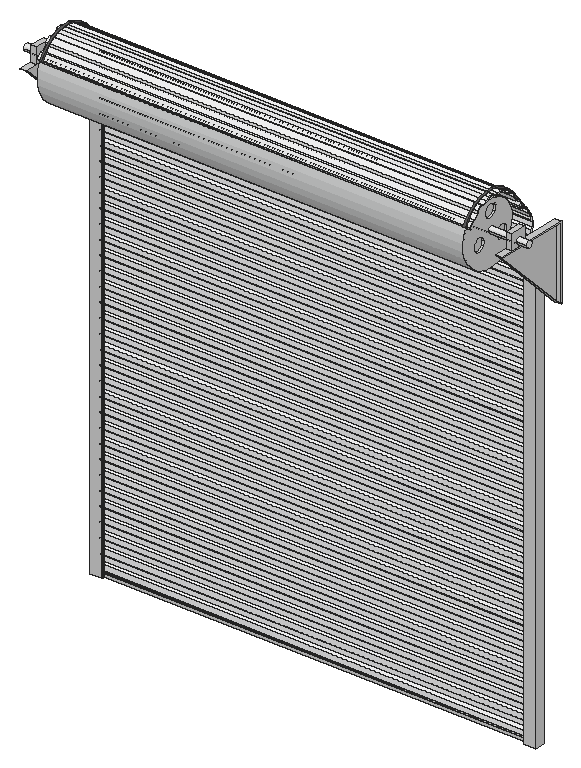
Revit family "Doors_Industrial_Wayne-Dalton_Wind-Load-Roll-Up-Sheet-Doors-Model-790-CW_", category Specialty Equipment, host Wall, Revit 2019
Family settings
  Host = Wall
  Round Connector Dimension = Use Diameter
  Part Type = Normal
  OmniClass Number = 23.30.10.21.34
  OmniClass Title = Industrial Doors
  Always vertical = Yes
  Cut with Voids When Loaded = No
  Shared = No
  Room Calculation Point = No
Parameters (values of type "‏​Manual push-up")
  Voltage = 0 V
  True Opening Width [instance] = Clear Width  # 100"
  True Opening Height [instance] = Clear Height  # 100"
  Slat Height = 3 91/256" * 3  # 10 17/256"
  Product Page URL = "https://www.wayne-dalton.com/roll-up-sheet-door-790cw"
  Slat Length [instance] = [Opening Width (Real)] + 1/4" * 2 + 1 77/256" * 2  # 103 13/128"
  Power Factor = 1
  Opening Width [instance] = 100"
  Opening Height [instance] = 100"
  Number of Poles = 1
  Motor Type [instance] = "RMZ Wall Mount"  # constant formula
  Min Opening Width [instance] = 96"  # constant formula
  Min Opening Height [instance] = 96"  # constant formula
  Max Opening Width [instance] = 240"  # constant formula
  Max Opening Height [instance] = 192"  # constant formula
  Headroom Height [instance] = 23"  # constant formula
  Opening Width (Real) [instance] = if(Opening Width < Min Opening Width, Min Opening Width, if(Opening Width > Max Opening Width, Max Opening Width, Opening Width))  # 100"
  Opening Height (Real) [instance] = if(Opening Height < Min Opening Height, Min Opening Height, if(Opening Height > Max Opening Height, Max Opening Height, Opening Height))  # 100"
  URL = "https://www.wayne-dalton.com/"
  Product data url = "https://www.bimobject.com/wayne-dalton/product/roll-up-sheet-door-790cw"
  Product Guid = "45e5e410-d0bf-4ab5-9bc7-2935a101f9e6"
  Model = "790CW"  # constant formula
  Manufacturer = "Wayne Dalton"  # constant formula
  Wall Closure = By host
  Frequency = 0 Hz
  Floor To (CL) of Shaft [instance] = [Opening Height (Real)] + 13 95/128" + 1"  # 114 95/128"
  Finish Material = Metal - Wayne Dalton - Galvanized Steel
  Electrical Operator = no
  Description = "MODEL 790CW COMMERCIAL WINDLOAD SHEET DOOR"  # constant formula
  Curtain Material [instance] = Steel - Wayne Dalton - White
  Current = 0 A
  Connection Offset [instance] = [Floor To (CL) of Shaft] - Array Length - 1 3/16" + 1/256"  # 2 53/64"
  Clear Width [instance] = [Opening Width (Real)]  # 100"
  Clear Height [instance] = [Opening Height (Real)]  # 100"
  Chain Hoist = no
  Backroom Depth [instance] = 21"  # constant formula
  Array Length [instance] = (Array) * Slat Height  # 110 187/256"
  Array [instance] = rounddown(([Opening Height (Real)] - 1 3/16" + 11 145/256" + 1") / Slat Height)  # 11
  Apparent Load Phase 1 = Voltage * Current  # 0 VA
Reference planes (in)
  plane 1 "Center (Front/Back)": y = 0
  plane 2 "Center (Left/Right)": x = 0
  plane 3 "Left": x = -50
  plane 4 "Right": x = 50
  plane 5 "Exterior": y = 1.5
  plane 6 "Interior": y = -4.5
  plane 7: x = 50
  plane 8: x = -50
  plane 9: z = 100
  plane 10 "Top": z = 123
  plane 11 "Main": y = -5.75
  plane 12: y = -25.5
  plane 13 "Main Door Block": y = -4.5
  plane 14: z = 47.47
  plane 15 "Bottom Bar": z = 1.1875
  plane 16: x = 52.5
  plane 17: x = -52.5
  plane 18: y = -5.253
  plane 19: y = -6.048
  plane 20: z = 111.91797
  plane 21: z = 114.74219
  plane 22: z = 11.25391
Lines and regions (in)
  Opening 1
    outline origin (-90, -4.5, 0) x (1, 0, 0) y (0, 0, 1)
      loop
        line (40, 0) -> (140, 0) -> (140, 100) -> (40, 100) -> (40, 0)
Text (in)
  text "Exterior" at (-74.96733, 27.31104, 0), in view "Ref. Level"
  text "Interior" at (-74.96733, -25.14366, 0), in view "Ref. Level"
  text "Exterior" at (0, 40.15149, 123.01588), in view "Right"
  text "Interior" at (0, -64.39139, 123.01588), in view "Right"
  text "Interior" at (0, -31.01599, 123.00693), in view "Left"
  text "Exterior" at (0, 54.57065, 123.00693), in view "Left"
Dimensions and locks (in)
  equal spacing: plane 3 "Left", plane 2 "Center (Left/Right)", plane 4 "Right"
  level to host wall = 459.59655"
  "Opening Height (Real)": level to plane 9
  plane 8 to plane 2 "Center (Left/Right)" to plane 7 = 50", 50"
  "Headroom Height": plane 9 to plane 10 "Top"
  locked: plane 13 "Main Door Block" to plane 11 "Main" at 1.25
  locked: plane 1 "Center (Front/Back)" to plane 6 "Interior" at 4.5
  locked: plane 8 to plane 17 at 2.5
  locked: plane 16 to plane 7 at 2.5
  locked: plane 5 "Exterior" to plane 1 "Center (Front/Back)" at 1.5
  equal spacing: plane 7, plane 2 "Center (Left/Right)", plane 8
  locked: plane 18 to plane 11 "Main" at 0.497
  "Opening Width (Real)": plane 7 to plane 8
  "Backroom Depth": plane 12 to plane 6 "Interior"
  locked: plane 11 "Main" to plane 19 at 0.298
  plane 19 to plane 11 "Main" = 0.298"
  locked: plane 15 "Bottom Bar" to level at 1.1875
  "Array Length": plane 20 to plane 15 "Bottom Bar"
  "Floor To (CL) of Shaft": plane 21 to level
  "Slat Height": plane 22 to plane 15 "Bottom Bar"
  equal spacing: group 1, group 2, group 3, group 4, group 5, group 6, group 7, group 8, group 9, group 10, group 11  (x3)
  locked: plane 12 to nested 3 at 8.257
  aligned and locked: Opening 1 sketch curve to level
  aligned and locked: plane 5 "Exterior" to host wall
  aligned and locked: host wall to plane 6 "Interior"
  aligned and locked: plane 8 to Opening 1 sketch curve
  aligned and locked: plane 7 to Opening 1 sketch curve
  aligned and locked: Opening 1 sketch curve to plane 9
  aligned and locked: plane 13 "Main Door Block" to plane 6 "Interior"
  aligned and locked: plane 21 to nested 3
  aligned and locked: plane 2 "Center (Left/Right)" to nested 3
  aligned and locked: plane 15 "Bottom Bar" to nested 2
  aligned and locked: plane 22 to nested 4
  aligned and locked: plane 19 to nested 2
  aligned and locked: plane 19 to nested 4
  aligned and locked: plane 2 "Center (Left/Right)" to nested 2
  aligned and locked: plane 2 "Center (Left/Right)" to nested 4
  aligned and locked: nested 1 to plane 6 "Interior"
  aligned and locked: level to nested 1
  aligned and locked: nested 1 to plane 2 "Center (Left/Right)"
  aligned and locked: plane 7 to nested 13
  aligned and locked: plane 21 to nested 13
Nested families (in)
  nested 1: "Lifts" at (0, -4.5, 0) x (-1, 0, 0) z (0, 0, 1), type "Frame Unit"
  nested 2: "Slat" at (0, -6.048, 1.1875), type "Slat"
  nested 3: "Top Slat" at (0, -17.243, 114.74219), type "Top Slat"
  nested 4: "Slat" at (0, -6.048, 11.25391), type "Slat"
  nested 5: "Slat" at (0, -6.048, 21.32031), type "Slat"
  nested 6: "Slat" at (0, -6.048, 31.38672), type "Slat"
  nested 7: "Slat" at (0, -6.048, 41.45313), type "Slat"
  nested 8: "Slat" at (0, -6.048, 51.51953), type "Slat"
  nested 9: "Slat" at (0, -6.048, 61.58594), type "Slat"
  nested 10: "Slat" at (0, -6.048, 71.65234), type "Slat"
  nested 11: "Slat" at (0, -6.048, 81.71875), type "Slat"
  nested 12: "Slat" at (0, -6.048, 91.78516), type "Slat"
  nested 13: "Operator" at (50, -17.243, 114.74219), type "Family1"
  nested 14: "Slat" at (0, -6.048, 101.85156), type "Slat"
Connectors (in)
  electrical at (55.75, -17.243, 114.74219), driven by "Number of Poles", driven by "Voltage", driven by "Power Factor"
    settings: on nested 13, index 1, voltage 0 V, apparent load 0 VA, apparent load phase1 0 VA, apparent load phase2 0 VA, apparent load phase3 0 VA, power factor 1, load classification "Other", number of poles 1, system type 31, power factor state 1, is connector primary yes, connector utility no, sub classification motor no, connector description "Electrical Connector"
Definition of nested family "Lifts"
  Parameters (values of type "Frame Unit")
    Shaft Radius = 3/4"  # constant formula
    Shaft Material = none
    Setback = 1/4"  # constant formula
    Right Shaft Offset = 10"
    Resin Support Outter Radius = 8.257"  # constant formula
    Resin Support Inner Radius = 8.187"  # constant formula
    Resin Stopper Radius = 1 1/2"  # constant formula
    Resin Muft Offset = 2.141"  # constant formula
    Resin Elements Material = none
    Opening Width = 100"
    Muft Outter Radius = 8.257"  # constant formula
    Muft Inner Radius = 6 3/8"  # constant formula
    Left Shaft Offset = 10"
    J Offset = 11.743" + 1"  # 12.743"
    Headroom Height = 23"
    Header Width = 21"
    H = 12.243" + 1"  # 13.243"
    Guide Width R Real = Guid Width + Setback  # 3 1/4"
    Guide Width L Real = Guid Width + Setback  # 3 1/4"
    Guid Width = 3"  # constant formula
    Opening Height = 100"
    Floor To (CL) of Shaft = Opening Height + 13.742" + 1"  # 114.742"
    Finish Material = none
    Default Elevation = 48"
    Analytic Construction = "<None>"
  Reference planes (in)
    plane 1 "Center (Front/Back)": y = 0
    plane 2: z = 0
    plane 3 "Center (Left/Right)": x = 0
    plane 4 "Left": x = -50
    plane 5 "Right": x = 50
    plane 6 "Opening Height": z = 100
    plane 7: x = -60
    plane 8: x = 60
    plane 9: z = 123
    plane 10: y = 21
    plane 11: x = -25
    plane 12: x = 25
    plane 13: z = 114.742
    plane 14: y = 12.743
    plane 15: x = -51.55
    plane 16: x = 51.55
    plane 17: x = 53.25
    plane 18: x = -53.25
    plane 19: z = 113.243
    plane 20: x = 57
    plane 21: x = 50.75
    plane 22: x = -50.75
  Forms (in)
    Extrusion 1, solid, material <- "Finish Material"
      sketch origin (0, 0, 0) x (1, 0, 0) y (0, 1, 0)
        loop
          line (-53.25, 0) -> (-50.375, 0)
          arc (-50.375, 0) -> (-50.28661, 0.03661) -> (-50.25, 0.125) r 0.125
          line (-50.25, 0.125) -> (-50.25, 0.625)
          arc (-50.25, 0.625) -> (-50.26831, 0.66919) -> (-50.3125, 0.6875) r 0.0625
          line (-50.3125, 0.6875) -> (-51.55, 0.6875) -> (-51.55, 1.78125) -> (-50.325, 1.78125)
          arc (-50.325, 1.78125) -> (-50.27197, 1.80322) -> (-50.25, 1.85625) r 0.075
          line (-50.25, 1.85625) -> (-50.25, 2.21875)
          arc (-50.25, 2.21875) -> (-50.28661, 2.30714) -> (-50.375, 2.34375) r 0.125
          line (-50.375, 2.34375) -> (-53.25, 2.34375) -> (-53.25, 0)
        loop
          line (53.25, 0) -> (53.25, 2.34375) -> (50.3625, 2.34375)
          arc (50.3625, 2.34375) -> (50.28295, 2.3108) -> (50.25, 2.23125) r 0.1125
          line (50.25, 2.23125) -> (50.25, 1.85625)
          arc (50.25, 1.85625) -> (50.27197, 1.80322) -> (50.325, 1.78125) r 0.075
          line (50.325, 1.78125) -> (51.55, 1.78125) -> (51.55, 0.6875) -> (50.3125, 0.6875)
          arc (50.3125, 0.6875) -> (50.26831, 0.66919) -> (50.25, 0.625) r 0.0625
          line (50.25, 0.625) -> (50.25, 0.125)
          arc (50.25, 0.125) -> (50.28661, 0.03661) -> (50.375, 0) r 0.125
          line (50.375, 0) -> (53.25, 0)
      from 100 to 0
    Extrusion 2, solid, material <- "Finish Material"
      sketch origin (0, 0, 0) x (0, 1, 0) y (0, 0, 1)
        loop
          line (2.0625, 1) -> (2.0625, 1.1875) -> (1.45087, 1.1875) -> (1.45087, 2.125) -> (-0.15187, 2.125) -> (-0.3125, 1.96437) -> (-0.3125, 1.34813) -> (-0.15187, 1.1875) -> (0, 1.1875) -> (0, 1) -> (2.0625, 1)
      from -51.55 to 51.55
    Extrusion 3, solid, material <- "Finish Material"
      sketch origin (0, 0, 0) x (0, 1, 0) y (0, 0, 1)
        loop
          line (0.73437, 1) -> (0.73437, 0) -> (1.73437, 0) -> (1.73437, 1) -> (0.73437, 1)
      from -51.55 to 51.55
    Extrusion 4, solid, material <- "Shaft Material"
      sketch origin (0, 0, 0) x (0, 1, 0) y (0, 0, 1)
        loop
          circle (12.743, 114.742) r 0.75
      from -60 to 60
    Extrusion 5, solid, material <- "Finish Material"
      sketch origin (-53.25, 0, 100) x (0, 0, 1) y (0, -1, 0)
        loop
          line (13.243, -14.568) -> (16.893, -14.568) -> (16.893, -10.918) -> (13.243, -10.918) -> (13.243, 0) -> (-4.5, 0) -> (13.243, -17.743) -> (13.243, -14.568)
      from -4.25 to -2.75
    Extrusion 6, solid, material <- "Finish Material"
      sketch origin (53.25, 0, 100) x (0, 0, 1) y (0, -1, 0)
        loop
          line (13.243, -14.568) -> (16.893, -14.568) -> (16.893, -10.918) -> (13.243, -10.918) -> (13.243, 0) -> (-4.5, 0) -> (13.243, -17.743) -> (13.243, -14.568)
      from 4.25 to 2.75
    Extrusion 7, void
      sketch origin (0, 0, 0) x (1, 0, 0) y (0, 1, 0)
        loop
          line (50, -0.3125) -> (51.55, -0.3125) -> (51.55, 0.125) -> (50, 0.125) -> (50, -0.3125)
        loop
          line (-50, -0.3125) -> (-50, 0.125) -> (-51.55, 0.125) -> (-51.55, -0.3125) -> (-50, -0.3125)
      from 0 to 2.125
    Extrusion 8, solid, material <- "Finish Material"
      sketch origin (0, 12.743, 114.742) x (0, 0.906308, 0.422618) y (0, -0.422618, 0.906308)
        loop
          arc (6.375, 0) -> (0, 6.375) -> (-6.375, 0) r 6.375
          line (-6.375, 0) -> (-8.257, 0)
          arc (-8.257, 0) -> (0, -8.257) -> (8.257, 0) r 8.257
          line (8.257, 0) -> (6.375, 0)
        loop
          circle (1.658, 3.5556) r 1.625
        loop
          circle (2.25024, -3.21367) r 1.625
        loop
          circle (-3.90824, -0.34193) r 1.625
      from 50.75 to -50.75
    Extrusion 9, solid, material <- "Finish Material"
      sketch origin (0, 0, 0) x (0, 1, 0) y (0, 0, 1)
        loop
          circle (12.743, 114.742) r 6.375
      from -50 to 50
    Extrusion 10, void
      sketch origin (53.25, 0, 100) x (0, 0, 1) y (-1, 0, 0)
        loop
          line (12.963, -3.03) -> (-4.5, -3.03) -> (-4.5, -4.25) -> (12.963, -4.25) -> (12.963, -3.03)
        loop
          line (16.893, -4.25) -> (16.893, -4.1749) -> (13.243, -4.1749) -> (13.243, -4.25) -> (16.893, -4.25)
        loop
          line (16.893, -2.75) -> (13.243, -2.75) -> (13.243, -2.8251) -> (16.893, -2.8251) -> (16.893, -2.75)
      from -0.28 to -20.22638
    Extrusion 11, void
      sketch origin (-53.25, 0, 100) x (0, 0, -1) y (-1, 0, 0)
        loop
          line (-12.963, 3.03) -> (4.5, 3.03) -> (4.5, 4.25) -> (-12.963, 4.25) -> (-12.963, 3.03)
        loop
          line (-16.893, 4.25) -> (-16.893, 4.1749) -> (-13.243, 4.1749) -> (-13.243, 4.25) -> (-16.893, 4.25)
        loop
          line (-16.893, 2.75) -> (-13.243, 2.75) -> (-13.243, 2.8251) -> (-16.893, 2.8251) -> (-16.893, 2.75)
      from 0.28 to 17.743
    Sweep 12, solid, material <- "Resin Elements Material"
      path origin (0, 0, 0) x (0, 1, 0) y (0, 0, 1)
        loop
          line (0.6875, 0) -> (0.6875, 112.601) -> (6.19446, 119.77138)
          arc (6.19446, 119.77138) -> (13.64369, 122.94973) -> (20.22638, 118.23156) r 8.257
      profile origin (0, 0.6875, 56.3005) x (0, -1, 0) y (1, 0, 0)
        loop
          line (0, 50.25) -> (0, 50.75) -> (-0.07, 50.75) -> (-0.07, 50.25) -> (0, 50.25)
        loop
          line (0, -50.25) -> (-0.07, -50.25) -> (-0.07, -50.75) -> (0, -50.75) -> (0, -50.25)
  Cuts and joins
    Extrusion 11 cuts Extrusion 5
    Extrusion 10 cuts Extrusion 6
    joined: Extrusion 5, Extrusion 6
    Extrusion 7 cuts Extrusion 2
  Lines and regions (in)
    Masking region 1
      outline origin (0, 0, 0) x (1, 0, 0) y (0, 1, 0)
        loop
          line (-51.55, 2.34375) -> (-53.25, 2.34375) -> (-53.25, 0) -> (-51.55, 0) -> (-51.55, 2.34375)
        loop
          line (51.55, 2.34375) -> (51.55, 0) -> (53.25, 0) -> (53.25, 2.34375) -> (51.55, 2.34375)
    Masking region 2
      outline origin (0, 0, 0) x (1, 0, 0) y (0, 1, 0)
        loop
          line (60, 11.993) -> (60, 13.493) -> (57.4249, 13.493) -> (57.4249, 14.568) -> (56.0751, 14.568) -> (56.0751, 13.493) -> (51.55, 13.493) -> (51.55, 11.993) -> (56.0751, 11.993) -> (56.0751, 10.918) -> (57.4249, 10.918) -> (57.4249, 11.993) -> (60, 11.993)
        loop
          line (-60, 11.993) -> (-57.4249, 11.993) -> (-57.4249, 10.918) -> (-56.0751, 10.918) -> (-56.0751, 11.993) -> (-51.55, 11.993) -> (-51.55, 13.493) -> (-56.0751, 13.493) -> (-56.0751, 14.568) -> (-57.4249, 14.568) -> (-57.4249, 13.493) -> (-60, 13.493) -> (-60, 11.993)
    Masking region 3
      outline origin (0, 0, 0) x (1, 0, 0) y (0, 1, 0)
        loop
          line (-56, 0) -> (-56, 17.743) -> (-57.5, 17.743) -> (-57.5, 0) -> (-56, 0)
        loop
          line (56, 17.743) -> (56, 0) -> (57.5, 0) -> (57.5, 17.743) -> (56, 17.743)
    Masking region 4
      outline origin (0, 0, 0) x (1, 0, 0) y (0, 1, 0)
        loop
          line (-53.25, 2.34375) -> (-53.25, 0) -> (-50.375, 0)
          arc (-50.375, 0) -> (-50.28661, 0.03661) -> (-50.25, 0.125) r 0.125
          line (-50.25, 0.125) -> (-50.25, 0.625)
          arc (-50.25, 0.625) -> (-50.26831, 0.66919) -> (-50.3125, 0.6875) r 0.0625
          line (-50.3125, 0.6875) -> (-51.55, 0.6875) -> (-51.55, 1.78125) -> (-50.75, 1.78125) -> (-50.75, 2.34375) -> (-53.25, 2.34375)
        loop
          line (53.25, 2.34375) -> (50.75, 2.34375) -> (50.75, 1.78125) -> (51.55, 1.78125) -> (51.55, 0.6875) -> (50.3125, 0.6875)
          arc (50.3125, 0.6875) -> (50.26831, 0.66919) -> (50.25, 0.625) r 0.0625
          line (50.25, 0.625) -> (50.25, 0.125)
          arc (50.25, 0.125) -> (50.28661, 0.03661) -> (50.375, 0) r 0.125
          line (50.375, 0) -> (53.25, 0) -> (53.25, 2.34375)
    Masking region 5
      outline origin (0, 0, 0) x (1, 0, 0) y (0, 1, 0)
        loop
          line (-50.75, 20.22638) -> (-50.75, 0.6875) -> (-50.25, 0.6875) -> (-50.25, 20.22638) -> (-50.75, 20.22638)
        loop
          line (50.25, 0.6875) -> (50.75, 0.6875) -> (50.75, 20.22638) -> (50.25, 20.22638) -> (50.25, 0.6875)
    reference lines
      curve 1: line (53.25, 0, 100) -> (53.25, 0, 109.583)
      curve 2: line (-53.25, 0, 100) -> (-53.25, 0, 109.583)
      curve 3: line (0, 12.743, 114.742) -> (0, 21, 118.5923)
    symbolic lines
      curve 4: line (56.0751, 10.918, 0) -> (56.0751, 14.568, 0)
      curve 5: line (57.4249, 14.568, 0) -> (57.4249, 10.918, 0)
      curve 6: line (-57.4249, 10.918, 0) -> (-57.4249, 14.568, 0)
      curve 7: line (-56.0751, 14.568, 0) -> (-56.0751, 10.918, 0)
  Dimensions and locks (in)
    equal spacing: plane 4 "Left", plane 3 "Center (Left/Right)", plane 5 "Right"
    "Opening Width": plane 4 "Left" to plane 5 "Right"
    "Opening Height": plane 6 "Opening Height" to level
    "Guide Width L Real": Extrusion 1 sketch curve to plane 4 "Left"
    locked: Extrusion 1 sketch curve to Extrusion 1 sketch curve at 2.34375
    "Headroom Height": plane 9 to plane 6 "Opening Height"
    plane 10 to plane 1 "Center (Front/Back)" = 21"
    "Header Width": plane 10 to plane 1 "Center (Front/Back)"
    locked: Extrusion 1 sketch curve to Extrusion 1 sketch curve at 0.5625
    locked: Extrusion 1 sketch curve to Extrusion 1 sketch curve at 0.6875
    locked: Extrusion 3 sketch curve to level at 1
    locked: Extrusion 2 sketch curve to level at 2.125
    locked: Extrusion 2 sketch curve to level at 1.1875
    locked: Extrusion 2 sketch curve to Extrusion 2 sketch curve at 1.125
    locked: Extrusion 2 sketch curve to Extrusion 2 sketch curve at 0.16063  (x2)
    locked: Extrusion 7 sketch curve to plane 1 "Center (Front/Back)" at 0.3125  (x2)
    locked: plane 1 "Center (Front/Back)" to Extrusion 7 sketch curve at 0.125
    equal spacing: plane 4 "Left", plane 11, plane 3 "Center (Left/Right)"
    equal spacing: plane 5 "Right", plane 12, plane 3 "Center (Left/Right)"
    "Floor To (CL) of Shaft": plane 13 to plane 2
    "J Offset": plane 14 to plane 1 "Center (Front/Back)"
    locked: curve 1 to curve 1 at 9.583
    locked: curve 2 to curve 2 at 9.583
    "Setback": Extrusion 1 sketch curve to plane 4 "Left"
    locked: Extrusion 1 sketch curve to Extrusion 1 sketch curve at 1.3  (x2)
    "Setback": plane 5 "Right" to Extrusion 1 sketch curve
    "Guide Width R Real": plane 5 "Right" to Extrusion 1 sketch curve
    locked: plane 15 to plane 4 "Left" at 1.55
    locked: plane 5 "Right" to plane 16 at 1.55
    "Guide Width R Real": plane 5 "Right" to plane 17
    "Guide Width L Real": plane 18 to plane 4 "Left"
    "Left Shaft Offset": plane 7 to plane 4 "Left"
    "Right Shaft Offset": plane 5 "Right" to plane 8
    locked: plane 1 "Center (Front/Back)" to Extrusion 3 sketch curve at 0.73437
    locked: Extrusion 3 sketch curve to Extrusion 3 sketch curve at 1
    "H": plane 19 to plane 6 "Opening Height"
    plane 5 "Right" to plane 20 = 7"
    locked: plane 5 "Right" to plane 21 at 0.75
    locked: plane 22 to plane 4 "Left" at 0.75
    locked: plane 14 to Extrusion 6 sketch curve at 5
    locked: plane 14 to Extrusion 5 sketch curve at 5
    equal spacing: Extrusion 6 sketch curve, plane 14, Extrusion 6 sketch curve
    locked: Extrusion 6 sketch curve to plane 14 at 1.825
    locked: Extrusion 6 sketch curve to plane 13 at 2.151
    equal spacing: Extrusion 5 sketch curve, plane 14, Extrusion 5 sketch curve
    locked: Extrusion 5 sketch curve to plane 14 at 1.825
    locked: Extrusion 5 sketch curve to plane 13 at 2.151
    locked: plane 1 "Center (Front/Back)" to Sweep 12 sketch curve at 0.6875
    locked: Sweep 12 sketch curve to Sweep 12 sketch curve at 0.07
    "Resin Muft Offset": plane 13 to Sweep 12 sketch curve
    "Setback": plane 5 "Right" to Sweep 12 sketch curve
    "Setback": Sweep 12 sketch curve to plane 4 "Left"
    equal spacing: Masking region 2 sketch curve, plane 14, Masking region 2 sketch curve
    "Shaft Radius": Masking region 2 sketch curve to plane 14
    radius of Extrusion 1 sketch curve = 1/16"  (x2)
    radius of Extrusion 1 sketch curve = 1/8"  (x3)
    radius of Extrusion 1 sketch curve = 0.075"  (x2)
    radius of Extrusion 1 sketch curve = 0.1125"
    "Shaft Radius": radius of Extrusion 4 sketch curve
    "Muft Inner Radius": radius of Extrusion 8 sketch curve
    "Muft Outter Radius": radius of Extrusion 8 sketch curve
    "Muft Inner Radius": radius of Extrusion 9 sketch curve
    "Resin Support Outter Radius": radius of Sweep 12 sketch curve
    locked: plane 13 to curve 3 (angle 25.00°)
    locked: Extrusion 6 sketch curve to Extrusion 6 sketch curve (angle 45.00°)
    locked: plane 19 to Extrusion 5 sketch curve (angle 45.00°)
    aligned and locked: plane 2 to level
    aligned and locked: plane 1 "Center (Front/Back)" to Extrusion 1 sketch curve
    aligned and locked: Extrusion 1 sketch curve to plane 1 "Center (Front/Back)"
    aligned and locked: Extrusion 1 sketch curve to Extrusion 1 sketch curve  (x5)
    aligned and locked: plane 7 to Extrusion 4
    aligned and locked: Extrusion 4 to plane 8
    aligned and locked: plane 6 "Opening Height" to Extrusion 1
    aligned and locked: Extrusion 3 sketch curve to level
    aligned and locked: Extrusion 2 sketch curve to Extrusion 2 sketch curve
    aligned and locked: Extrusion 7 sketch curve to plane 5 "Right"
    aligned and locked: Extrusion 7 sketch curve to plane 4 "Left"
    aligned and locked: Extrusion 7 sketch curve to Extrusion 7 sketch curve
    aligned and locked: plane 13 to Extrusion 4 sketch curve
    aligned and locked: plane 14 to Extrusion 4 sketch curve
    aligned and locked: plane 6 "Opening Height" to curve 1
    aligned and locked: plane 6 "Opening Height" to curve 2
    aligned and locked: Extrusion 7 sketch curve to plane 15
    aligned and locked: plane 15 to Extrusion 3
    aligned and locked: plane 15 to cut or joined group of Extrusion 2, Extrusion 7
    aligned and locked: Extrusion 3 to plane 16
    aligned and locked: cut or joined group of Extrusion 2, Extrusion 7 to plane 16
    aligned and locked: Extrusion 7 sketch curve to plane 16
    aligned and locked: curve 1 to plane 17
    aligned and locked: curve 2 to plane 18
    aligned and locked: Extrusion 1 to Masking region 1 sketch curve  (x2)
    aligned and locked: Masking region 1 sketch curve to Extrusion 1  (x4)
    aligned and locked: plane 14 to Extrusion 8 sketch curve
    aligned and locked: plane 13 to Extrusion 8 sketch curve
    aligned and locked: plane 14 to curve 3
    aligned and locked: plane 10 to curve 3
    aligned and locked: curve 3 to Extrusion 8 sketch curve
    aligned and locked: Extrusion 8 sketch curve to curve 3
    aligned and locked: plane 14 to Extrusion 9 sketch curve
    aligned and locked: plane 13 to Extrusion 9 sketch curve
    aligned and locked: Extrusion 8 to plane 21
    aligned and locked: Extrusion 9 to plane 5 "Right"
    aligned and locked: Extrusion 8 to plane 22
    aligned and locked: plane 4 "Left" to Extrusion 9
    aligned and locked: Extrusion 6 sketch curve to plane 19  (x2)
    aligned and locked: plane 1 "Center (Front/Back)" to Extrusion 6 sketch curve
    aligned and locked: Extrusion 5 sketch curve to plane 19  (x2)
    aligned and locked: plane 1 "Center (Front/Back)" to Extrusion 5 sketch curve
    aligned and locked: level to Sweep 12 sketch curve
    aligned and locked: Sweep 12 sketch curve to profile plane
    aligned and locked: Sweep 12 sketch curve to plane 21
    aligned and locked: Sweep 12 sketch curve to Sweep 12 sketch curve  (x2)
    aligned and locked: Sweep 12 sketch curve to plane 22
    aligned and locked: plane 13 to Sweep 12 sketch curve
    aligned and locked: plane 14 to Sweep 12 sketch curve
    aligned and locked: curve 3 to Sweep 12 sketch curve
    aligned and locked: Masking region 2 sketch curve to plane 8
    aligned and locked: cut or joined group of Extrusion 5, Extrusion 6, Extrusion 10, Extrusion 11 to Masking region 2 sketch curve  (x12)
    aligned and locked: Masking region 2 sketch curve to plane 7
    aligned and locked: Masking region 2 sketch curve to Masking region 2 sketch curve  (x6)
    aligned and locked: Masking region 3 sketch curve to cut or joined group of Extrusion 5, Extrusion 6, Extrusion 10, Extrusion 11  (x6)
    aligned and locked: cut or joined group of Extrusion 5, Extrusion 6, Extrusion 10, Extrusion 11 to Masking region 3 sketch curve  (x2)
    aligned and locked: cut or joined group of Extrusion 5, Extrusion 6, Extrusion 10, Extrusion 11 to curve 4  (x3)
    aligned and locked: cut or joined group of Extrusion 5, Extrusion 6, Extrusion 10, Extrusion 11 to curve 5  (x3)
    aligned and locked: cut or joined group of Extrusion 5, Extrusion 6, Extrusion 10, Extrusion 11 to curve 6  (x3)
    aligned and locked: cut or joined group of Extrusion 5, Extrusion 6, Extrusion 10, Extrusion 11 to curve 7  (x3)
    aligned and locked: Masking region 4 sketch curve to Extrusion 1  (x12)
    aligned and locked: Extrusion 1 to Masking region 4 sketch curve  (x2)
    aligned and locked: Sweep 12 to Masking region 4 sketch curve  (x2)
    aligned and locked: Masking region 5 sketch curve to Sweep 12  (x8)
    aligned and locked: Masking region 2 sketch curve to plane 15
    aligned and locked: Masking region 2 sketch curve to plane 16
  Automatic sketch dimensions
    Extrusion 2 sketch curve to plane 1 "Center (Front/Back)" = 0"
    plane 1 "Center (Front/Back)" to Extrusion 2 sketch curve = 0.15187"  (x2)
    Extrusion 2 sketch curve to Extrusion 2 sketch curve = 0.16063"
    Extrusion 2 sketch curve to plane 1 "Center (Front/Back)" = 1.45088"
    Extrusion 2 sketch curve to Extrusion 2 sketch curve = 0.61162"
    plane 1 "Center (Front/Back)" to Masking region 1 sketch curve = 0"
    Masking region 1 sketch curve to plane 1 "Center (Front/Back)" = 2 11/32"
    curve 3 to plane 13 = 0"
    curve 2 to Extrusion 11 sketch curve = 2.8251"
    Extrusion 11 sketch curve to curve 2 = 7.31"
    Extrusion 11 sketch curve to Extrusion 11 sketch curve = 0"  (x2)
    Extrusion 11 sketch curve to curve 2 = 3.66"
    Extrusion 11 sketch curve to Extrusion 11 sketch curve = 0.28"
    curve 2 to Extrusion 11 sketch curve = 4 1/2"
    Extrusion 11 sketch curve to Extrusion 11 sketch curve = 0.0751"  (x2)
    curve 2 to Extrusion 11 sketch curve = 3.03"
    Extrusion 11 sketch curve to Extrusion 11 sketch curve = 1.1449"
    Extrusion 11 sketch curve to Extrusion 11 sketch curve = 1.22"
    Extrusion 10 sketch curve to curve 1 = 4 1/2"
    curve 1 to Extrusion 10 sketch curve = 3.38"
    Extrusion 10 sketch curve to Extrusion 10 sketch curve = 0.28"  (x2)
    Extrusion 10 sketch curve to Extrusion 10 sketch curve = 3.65"
    Extrusion 10 sketch curve to Extrusion 10 sketch curve = 0"  (x2)
    curve 1 to Extrusion 10 sketch curve = 4 1/4"
    Extrusion 10 sketch curve to Extrusion 10 sketch curve = 0.0751"  (x2)
    Extrusion 10 sketch curve to Extrusion 10 sketch curve = 1.1449"
    Extrusion 10 sketch curve to Extrusion 10 sketch curve = 1.34981"
    Extrusion 8 sketch curve to Extrusion 8 sketch curve = 0"
    curve 3 to Extrusion 8 sketch curve = 0.34193"
    Extrusion 8 sketch curve to Extrusion 8 sketch curve = 2.46676"
    curve 3 to Extrusion 8 sketch curve = 1.658"
    curve 3 to Extrusion 8 sketch curve = 2.25024"
    Extrusion 8 sketch curve to curve 3 = 3.21367"
    curve 3 to Extrusion 8 sketch curve = 3.5556"
    radius of Extrusion 8 sketch curve = 1 5/8"  (x3)
Definition of nested family "Slat"
  Parameters (values of type "Slat")
    Slat Height = 3.354" * 3  # 10.062"
    Panel Material = none
    Opening Width = 103 13/128"
    Default Elevation = 48"
  Reference planes (in)
    plane 1 "Center (Front/Back)": y = 0
    plane 2: z = 0
    plane 3 "Center (Left/Right)": x = 0
    plane 4: z = 10.062
    plane 5: x = -51.55078
    plane 6: x = 51.55078
  Forms (in)
    Extrusion 1, solid, material <- "Panel Material"
      sketch origin (0, 0, 0) x (0, 1, 0) y (0, 0, 1)
        loop
          line (0.5962, 1.67027) -> (0.5962, 2.9709) -> (0.04, 3.375) -> (0.04, 4.62025) -> (0.5962, 5.02435) -> (0.5962, 6.32497) -> (0.04, 6.72907) -> (0.04, 7.97432) -> (0.5962, 8.37842) -> (0.5962, 9.67905) -> (0.04, 10.08315) -> (0, 10.06222) -> (0.5562, 9.65812) -> (0.5562, 8.3988) -> (0, 7.9947) -> (0, 6.70815) -> (0.5562, 6.30405) -> (0.5562, 5.04473) -> (0, 4.64063) -> (0, 3.35407) -> (0.5562, 2.94997) -> (0.5562, 1.69065) -> (0, 1.28655) -> (0, 0) -> (0.04, 0) -> (0.04, 1.26617) -> (0.5962, 1.67027)
      from -51.55078 to 51.55078
  Dimensions and locks (in)
    "Slat Height": plane 4 to plane 2
    equal spacing: plane 5, plane 3 "Center (Left/Right)", plane 6
    "Opening Width": plane 5 to plane 6
    aligned and locked: plane 2 to level
    aligned and locked: plane 5 to Extrusion 1
    aligned and locked: plane 6 to Extrusion 1
  Automatic sketch dimensions
    Extrusion 1 sketch curve to plane 1 "Center (Front/Back)" = 0"  (x4)
    Extrusion 1 sketch curve to level = 0"
    Extrusion 1 sketch curve to plane 1 "Center (Front/Back)" = 0.04"  (x3)
    Extrusion 1 sketch curve to Extrusion 1 sketch curve = 0.04"  (x4)
    Extrusion 1 sketch curve to plane 1 "Center (Front/Back)" = 0.5562"  (x3)
    level to Extrusion 1 sketch curve = 1.26617"
    Extrusion 1 sketch curve to Extrusion 1 sketch curve = 0.02038"  (x6)
    Extrusion 1 sketch curve to Extrusion 1 sketch curve = 0.4041"  (x5)
    Extrusion 1 sketch curve to Extrusion 1 sketch curve = 1.25932"  (x2)
    Extrusion 1 sketch curve to Extrusion 1 sketch curve = 0.02093"  (x5)
    Extrusion 1 sketch curve to Extrusion 1 sketch curve = 1.24525"
    Extrusion 1 sketch curve to Extrusion 1 sketch curve = 1.26617"
    Extrusion 1 sketch curve to plane 4 = 0.40388"
    plane 4 to Extrusion 1 sketch curve = 0.00022"
    plane 4 to Extrusion 1 sketch curve = 0.02115"
Definition of nested family "Top Slat"
  Parameters (values of type "Top Slat")
    Slat Height = 3.354"  # constant formula
    Primar Offset = 2 53/64"
    Panel Material = none
    Opening Width = 103 13/128"
    Offset 2 = if(Primar Offset > Slat Height * 2 + 2.175", Slat Height, 0")  # 0"
    Offset 1 = if(Primar Offset > Slat Height + 2.175", Slat Height, 0")  # 0"
    Default Elevation = 48"
    2nd Slat = if(Offset 2 = 0", 1 = 2, 1 = 1)  # no
    1st Slat = if(Offset 1 = 0", 1 = 2, 1 = 1)  # no
  Reference planes (in)
    plane 1 "Center (Front/Back)": y = 0
    plane 2: z = 0
    plane 3 "Center (Left/Right)": x = 0
    plane 4: x = -51.55078
    plane 5: x = 51.55078
  Forms (in)
    Extrusion 1, solid, material <- "Panel Material"
      sketch origin (0, -2.21749, 3.375) x (0, 1, 0) y (0, 0, 1)
        loop
          line (10.95902, -2.50599) -> (10.16621, -1.54574) -> (10.33784, -0.88) -> (9.50977, 0.12295) -> (8.80388, 0.07924)
          arc (8.80388, 0.07924) -> (8.49771, 0.60905) -> (8.14904, 1.11191) r 7.43816
          line (8.14904, 1.11191) -> (8.2539, 1.79485) -> (7.32987, 2.71017) -> (6.64852, 2.59895)
          arc (6.64852, 2.59895) -> (6.13875, 2.94542) -> (5.60204, 3.2485) r 7.43816
          line (5.60204, 3.2485) -> (5.3989, 3.90891) -> (4.16842, 4.33026) -> (3.60357, 3.93332)
          arc (3.60357, 3.93332) -> (2.99378, 4.02311) -> (2.37865, 4.0621) r 7.43816
          line (2.37865, 4.0621) -> (1.90809, 4.56805) -> (0.61695, 4.41126) -> (0.28145, 3.80789)
          arc (0.28145, 3.80789) -> (-0.30099, 3.62505) -> (-0.86648, 3.39508) r 7.43816
          line (-0.86648, 3.39508) -> (-1.51005, 3.64652) -> (-2.60504, 2.94465) -> (-2.64527, 2.25544)
          arc (-2.64527, 2.25544) -> (-3.09055, 1.83784) -> (-3.50009, 1.38513) r 7.43816
          line (-3.50009, 1.38513) -> (-4.189, 1.33218) -> (-4.87061, 0.22447) -> (-4.72055, -0.13969) -> (-4.66641, -0.16494) -> (-4.82558, 0.22133) -> (-4.16562, 1.29386) -> (-3.48014, 1.34654)
          arc (-3.48014, 1.34654) -> (-3.0618, 1.81003) -> (-2.60586, 2.2366) r 7.39816
          line (-2.60586, 2.2366) -> (-2.56584, 2.92226) -> (-1.50563, 3.60185) -> (-0.86527, 3.35166)
          arc (-0.86527, 3.35166) -> (-0.28716, 3.58752) -> (0.30877, 3.7738) r 7.39816
          line (0.30877, 3.7738) -> (0.64255, 4.37407) -> (1.89268, 4.52589) -> (2.36089, 4.02246)
          arc (2.36089, 4.02246) -> (2.98991, 3.98329) -> (3.61331, 3.89073) r 7.39816
          line (3.61331, 3.89073) -> (4.17526, 4.28564) -> (5.36666, 3.87767) -> (5.56879, 3.22056)
          arc (5.56879, 3.22056) -> (6.11792, 2.91127) -> (6.63873, 2.55637) r 7.39816
          line (6.63873, 2.55637) -> (7.31659, 2.66703) -> (8.21127, 1.78078) -> (8.10693, 1.10124)
          arc (8.10693, 1.10124) -> (8.46647, 0.58362) -> (8.78065, 0.03728) r 7.39816
          line (8.78065, 0.03728) -> (9.49225, 0.08135) -> (10.29402, -0.88975) -> (10.12239, -1.55549) -> (10.9415, -2.5476) -> (11.65309, -2.50352) -> (12.45486, -3.47463) -> (12.28082, -4.14974) -> (13.41281, -5.50386) -> (13.41281, -6.20312) -> (13.48161, -6.20312) -> (13.45281, -6.1822) -> (13.45281, -5.49244) -> (12.32739, -4.12932) -> (12.49868, -3.46488) -> (11.67061, -2.46192) -> (10.96472, -2.50564)
      from -51.55078 to 51.55078
    Extrusion 2, solid, material <- "Panel Material", visible <- "1st Slat"
      sketch origin (0, 1.16153, -2.82813) x (0, 1, 0) y (0, 0, 1)
        loop
          line (10.62998, 1.67027) -> (10.62998, 2.9709) -> (10.07378, 3.375) -> (10.03378, 3.35407) -> (10.58998, 2.94997) -> (10.58998, 1.69065) -> (10.03378, 1.28655) -> (10.03378, 0) -> (10.07378, 0) -> (10.07378, 1.26617) -> (10.62998, 1.67027)
      from -51.55078 to 51.55078
    Extrusion 3, solid, material <- "Panel Material", visible <- "2nd Slat"
      sketch origin (0, 1.16153, 0.52587) x (0, 1, 0) y (0, 0, 1)
        loop
          line (10.62998, 1.67027) -> (10.62998, 2.9709) -> (10.07378, 3.375) -> (10.03378, 3.35407) -> (10.58998, 2.94997) -> (10.58998, 1.69065) -> (10.03378, 1.28655) -> (10.03378, 0) -> (10.07378, 0) -> (10.07378, 1.26617) -> (10.62998, 1.67027)
      from -51.55078 to 51.55078
  Lines and regions (in)
    Masking region 1
      outline origin (0, 0, 0) x (1, 0, 0) y (0, 1, 0)
        loop
          line (-51.55078, -7.08811) -> (51.55078, -7.08811) -> (51.55078, 11.75151) -> (-51.55078, 11.75151) -> (-51.55078, -7.08811)
    reference lines
      curve 1: line (0, 0, -2.82813) -> (0, 15, -2.82813)
      curve 2: line (0, 0, -2.82813) -> (0, 15, -2.82813)
      curve 3: line (0, 0, -2.82813) -> (0, 15, -2.82813)
    symbolic lines
      curve 4: line (51.55078, 10.07388, 0) -> (-51.55078, 10.07388, 0)
      curve 5: line (-51.55078, 9.75558, 0) -> (51.55078, 9.75558, 0)
      curve 6: line (-51.55078, 9.06865, 0) -> (51.55078, 9.06865, 0)
      curve 7: line (-51.55078, 8.38293, 0) -> (51.55078, 8.38293, 0)
      curve 8: line (-51.55078, 7.98412, 0) -> (51.55078, 7.98412, 0)
      curve 9: line (-51.55078, 7.29719, 0) -> (51.55078, 7.29719, 0)
      curve 10: line (-51.55078, 6.58806, 0) -> (51.55078, 6.58806, 0)
      curve 11: line (-51.55078, 6.0364, 0) -> (51.55078, 6.0364, 0)
      curve 12: line (-51.55078, 5.11238, 0) -> (51.55078, 5.11238, 0)
      curve 13: line (-51.55078, 4.43102, 0) -> (51.55078, 4.43102, 0)
      curve 14: line (-51.55078, 3.38455, 0) -> (51.55078, 3.38455, 0)
      curve 15: line (-51.55078, 3.18141, 0) -> (51.55078, 3.18141, 0)
      curve 16: line (-51.55078, 1.95093, 0) -> (51.55078, 1.95093, 0)
      curve 17: line (-51.55078, 1.38608, 0) -> (51.55078, 1.38608, 0)
      curve 18: line (-51.55078, 0.16115, 0) -> (51.55078, 0.16115, 0)
      curve 19: line (-51.55078, -0.3094, 0) -> (51.55078, -0.3094, 0)
      curve 20: line (-51.55078, -1.60054, 0) -> (51.55078, -1.60054, 0)
      curve 21: line (-51.55078, -1.93604, 0) -> (51.55078, -1.93604, 0)
      curve 22: line (-51.55078, -3.08397, 0) -> (51.55078, -3.08397, 0)
      curve 23: line (-51.55078, -3.72755, 0) -> (51.55078, -3.72755, 0)
      curve 24: line (-51.55078, -4.82253, 0) -> (51.55078, -4.82253, 0)
      curve 25: line (-51.55078, -5.71758, 0) -> (51.55078, -5.71758, 0)
      curve 26: line (-51.55078, -6.4065, 0) -> (51.55078, -6.4065, 0)
  Dimensions and locks (in)
    equal spacing: plane 4, plane 3 "Center (Left/Right)", plane 5
    "Opening Width": plane 4 to plane 5
    locked: curve 1 to curve 1 at 15
    locked: curve 2 to curve 2 at 15
    locked: curve 3 to curve 3 at 15
    "Offset 2": curve 2 to curve 1
    "Offset 1": curve 3 to curve 2
    "Primar Offset": curve 3 to level
    locked: Extrusion 1 sketch curve to Extrusion 1 sketch curve at 0.0688
    locked: Extrusion 1 sketch curve to Extrusion 1 sketch curve (angle 36.00°)
    aligned and locked: plane 2 to level
    aligned and locked: plane 4 to Extrusion 1
    aligned and locked: plane 5 to Extrusion 1
    aligned and locked: plane 1 "Center (Front/Back)" to curve 1
    aligned and locked: plane 1 "Center (Front/Back)" to curve 2
    aligned and locked: plane 1 "Center (Front/Back)" to curve 3
    aligned and locked: curve 1 to Extrusion 1 sketch curve
    aligned and locked: plane 4 to Extrusion 2
    aligned and locked: plane 5 to Extrusion 2
    aligned and locked: plane 4 to Extrusion 3
    aligned and locked: plane 5 to Extrusion 3
    aligned and locked: Masking region 1 sketch curve to plane 4
    aligned and locked: Masking region 1 sketch curve to Extrusion 1
    aligned and locked: plane 5 to Masking region 1 sketch curve
    aligned and locked: Masking region 1 sketch curve to Extrusion 3
    aligned and locked: plane 4 to curve 5
    aligned and locked: plane 4 to curve 4
    aligned and locked: plane 4 to curve 6
    aligned and locked: plane 4 to curve 7
    aligned and locked: plane 4 to curve 8
    aligned and locked: plane 4 to curve 9
    aligned and locked: plane 4 to curve 10
    aligned and locked: plane 4 to curve 11
    aligned and locked: plane 4 to curve 12
    aligned and locked: plane 4 to curve 13
    aligned and locked: plane 4 to curve 14
    aligned and locked: plane 4 to curve 15
    aligned and locked: plane 4 to curve 16
    aligned and locked: plane 4 to curve 17
    aligned and locked: plane 4 to curve 18
    aligned and locked: plane 4 to curve 19
    aligned and locked: plane 4 to curve 20
    aligned and locked: plane 4 to curve 21
    aligned and locked: plane 4 to curve 22
    aligned and locked: plane 4 to curve 23
    aligned and locked: plane 4 to curve 24
    aligned and locked: plane 4 to curve 25
    aligned and locked: plane 4 to curve 26
    aligned and locked: plane 5 to curve 26
    aligned and locked: plane 5 to curve 25
    aligned and locked: plane 5 to curve 24
    aligned and locked: plane 5 to curve 23
    aligned and locked: plane 5 to curve 22
    aligned and locked: plane 5 to curve 21
    aligned and locked: plane 5 to curve 20
    aligned and locked: plane 5 to curve 19
    aligned and locked: plane 5 to curve 18
    aligned and locked: plane 5 to curve 17
    aligned and locked: plane 5 to curve 16
    aligned and locked: plane 5 to curve 15
    aligned and locked: plane 5 to curve 14
    aligned and locked: plane 5 to curve 13
    aligned and locked: plane 5 to curve 12
    aligned and locked: plane 5 to curve 11
    aligned and locked: plane 5 to curve 10
    aligned and locked: plane 5 to curve 9
    aligned and locked: plane 5 to curve 8
    aligned and locked: plane 5 to curve 7
    aligned and locked: plane 5 to curve 6
    aligned and locked: plane 5 to curve 5
    aligned and locked: plane 5 to curve 4
  Automatic sketch dimensions
    curve 3 to Extrusion 2 sketch curve = 0"
    Extrusion 2 sketch curve to curve 3 = 3 103/128"
    Extrusion 2 sketch curve to Extrusion 2 sketch curve = 0"
    Extrusion 2 sketch curve to Extrusion 2 sketch curve = 0.04"  (x3)
    Extrusion 2 sketch curve to curve 3 = 1.69065"
    Extrusion 2 sketch curve to Extrusion 2 sketch curve = 0.5162"
    Extrusion 2 sketch curve to curve 3 = 1.67027"
    Extrusion 2 sketch curve to Extrusion 2 sketch curve = 0.42448"
    Extrusion 2 sketch curve to Extrusion 2 sketch curve = 0.02038"
    Extrusion 2 sketch curve to Extrusion 2 sketch curve = 1.25932"
    Extrusion 2 sketch curve to Extrusion 2 sketch curve = 0.02093"  (x2)
    Extrusion 2 sketch curve to Extrusion 2 sketch curve = 0.4041"
    Extrusion 3 sketch curve to curve 3 = 3 103/128"
    Extrusion 3 sketch curve to Extrusion 3 sketch curve = 0"
    Extrusion 3 sketch curve to Extrusion 3 sketch curve = 0.04"  (x3)
    Extrusion 3 sketch curve to Extrusion 3 sketch curve = 0.5162"
    Extrusion 3 sketch curve to curve 3 = 3.354"
    Extrusion 3 sketch curve to Extrusion 3 sketch curve = 1.26617"
    Extrusion 3 sketch curve to Extrusion 3 sketch curve = 0.02038"  (x2)
    Extrusion 3 sketch curve to Extrusion 3 sketch curve = 0.4041"  (x2)
    Extrusion 3 sketch curve to Extrusion 3 sketch curve = 1.25932"
    Extrusion 3 sketch curve to Extrusion 3 sketch curve = 0.02093"  (x2)
    plane 1 "Center (Front/Back)" to curve 26 = 6.4065"
    curve 26 to curve 25 = 0.68892"
    curve 25 to curve 24 = 0.89505"
    curve 24 to curve 23 = 1.09499"
    curve 23 to curve 22 = 0.64357"
    curve 22 to curve 21 = 1.14793"
    curve 21 to curve 20 = 0.3355"
    plane 1 "Center (Front/Back)" to curve 19 = 0.3094"
    curve 18 to plane 1 "Center (Front/Back)" = 0.16115"
    curve 18 to curve 17 = 1.22493"
    curve 17 to curve 16 = 0.56485"
    curve 16 to curve 15 = 1 59/256"
    curve 15 to curve 14 = 13/64"
    curve 14 to curve 13 = 1.04647"
    curve 13 to curve 12 = 0.68136"
    curve 12 to curve 11 = 0.92402"
    curve 11 to curve 10 = 0.55166"
    curve 10 to curve 9 = 0.70913"
    curve 9 to curve 8 = 0.68693"
    curve 8 to curve 7 = 0.39881"
    curve 7 to curve 6 = 0.68572"
    curve 6 to curve 5 = 0.68693"
    curve 5 to curve 4 = 0.3183"
    Extrusion 1 sketch curve to Extrusion 1 sketch curve = 0"  (x18)
    plane 1 "Center (Front/Back)" to Extrusion 1 sketch curve = 7.08811"
    Extrusion 1 sketch curve to Extrusion 1 sketch curve = 0.04503"
    level to Extrusion 1 sketch curve = 3.23531"
    Extrusion 1 sketch curve to Extrusion 1 sketch curve = 0.10502"
    level to Extrusion 1 sketch curve = 3.21006"
    Extrusion 1 sketch curve to Extrusion 1 sketch curve = 0.05414"
    Extrusion 1 sketch curve to Extrusion 1 sketch curve = 0.63658"
    Extrusion 1 sketch curve to Extrusion 1 sketch curve = 0.02339"
    Extrusion 1 sketch curve to Extrusion 1 sketch curve = 0.66553"
    Extrusion 1 sketch curve to Extrusion 1 sketch curve = 0.01995"
    Extrusion 1 sketch curve to Extrusion 1 sketch curve = 0.85482"
    Extrusion 1 sketch curve to Extrusion 1 sketch curve = 0.03941"
    Extrusion 1 sketch curve to Extrusion 1 sketch curve = 0.04023"
    Extrusion 1 sketch curve to Extrusion 1 sketch curve = 0.0392"
    Extrusion 1 sketch curve to Extrusion 1 sketch curve = 1.05579"
    Extrusion 1 sketch curve to Extrusion 1 sketch curve = 0.00443"
    Extrusion 1 sketch curve to Extrusion 1 sketch curve = 0.63914"
    Extrusion 1 sketch curve to Extrusion 1 sketch curve = 0.00122"
    Extrusion 1 sketch curve to Extrusion 1 sketch curve = 1.14793"
    Extrusion 1 sketch curve to Extrusion 1 sketch curve = 0.02732"
    Extrusion 1 sketch curve to Extrusion 1 sketch curve = 0.3355"
    Extrusion 1 sketch curve to Extrusion 1 sketch curve = 0.02559"
    plane 1 "Center (Front/Back)" to Extrusion 1 sketch curve = 0.32481"
    Extrusion 1 sketch curve to Extrusion 1 sketch curve = 0.01541"
    level to Extrusion 1 sketch curve = 0.00071"
    plane 1 "Center (Front/Back)" to Extrusion 1 sketch curve = 0.00144"
    Extrusion 1 sketch curve to plane 1 "Center (Front/Back)" = 0.14339"
    Extrusion 1 sketch curve to Extrusion 1 sketch curve = 0.01776"
    Extrusion 1 sketch curve to Extrusion 1 sketch curve = 1.22493"
    Extrusion 1 sketch curve to Extrusion 1 sketch curve = 0.00974"
    Extrusion 1 sketch curve to Extrusion 1 sketch curve = 0.56485"
    Extrusion 1 sketch curve to Extrusion 1 sketch curve = 0.00684"
    Extrusion 1 sketch curve to Extrusion 1 sketch curve = 1 49/256"
    Extrusion 1 sketch curve to Extrusion 1 sketch curve = 0.03224"
    Extrusion 1 sketch curve to Extrusion 1 sketch curve = 0.20212"
    Extrusion 1 sketch curve to Extrusion 1 sketch curve = 0.03325"
    Extrusion 1 sketch curve to Extrusion 1 sketch curve = 1.03669"
    Extrusion 1 sketch curve to Extrusion 1 sketch curve = 0.00979"
    Extrusion 1 sketch curve to Extrusion 1 sketch curve = 0.66807"
    Extrusion 1 sketch curve to Extrusion 1 sketch curve = 0.01328"
    Extrusion 1 sketch curve to Extrusion 1 sketch curve = 0.79034"
    Extrusion 1 sketch curve to Extrusion 1 sketch curve = 0.04211"
    Extrusion 1 sketch curve to Extrusion 1 sketch curve = 0.06223"
    Extrusion 1 sketch curve to Extrusion 1 sketch curve = 0.04263"
    level to Extrusion 1 sketch curve = 3.41228"
    Extrusion 1 sketch curve to Extrusion 1 sketch curve = 0.63162"
    level to Extrusion 1 sketch curve = 3.45424"
    Extrusion 1 sketch curve to Extrusion 1 sketch curve = 0.02322"
    level to Extrusion 1 sketch curve = 3.45635"
    Extrusion 1 sketch curve to Extrusion 1 sketch curve = 0.68837"
    level to Extrusion 1 sketch curve = 3.49795"
    Extrusion 1 sketch curve to Extrusion 1 sketch curve = 0.01752"  (x3)
    level to Extrusion 1 sketch curve = 1.81951"
    Extrusion 1 sketch curve to Extrusion 1 sketch curve = 0.63014"
    level to Extrusion 1 sketch curve = 1.82926"
    Extrusion 1 sketch curve to Extrusion 1 sketch curve = 0.04382"  (x3)
    level to Extrusion 1 sketch curve = 2.48525"
    Extrusion 1 sketch curve to Extrusion 1 sketch curve = 0.1278"
    level to Extrusion 1 sketch curve = 2.495"
    level to Extrusion 1 sketch curve = 0.8274"
    Extrusion 1 sketch curve to Extrusion 1 sketch curve = 0.77529"
    level to Extrusion 1 sketch curve = 0.87148"
    Extrusion 1 sketch curve to Extrusion 1 sketch curve = 0.71159"
    level to Extrusion 1 sketch curve = 0.91308"
    Extrusion 1 sketch curve to level = 0.09963"
    Extrusion 1 sketch curve to level = 0.08988"
    Extrusion 1 sketch curve to Extrusion 1 sketch curve = 1.08542"
    Extrusion 1 sketch curve to level = 2.11744"
    Extrusion 1 sketch curve to Extrusion 1 sketch curve = 0.04"
    Extrusion 1 sketch curve to Extrusion 1 sketch curve = 0.36102"
    Extrusion 1 sketch curve to Extrusion 1 sketch curve = 0.00314"
    Extrusion 1 sketch curve to Extrusion 1 sketch curve = 1.07254"
    Extrusion 1 sketch curve to Extrusion 1 sketch curve = 0.03832"
    Extrusion 1 sketch curve to Extrusion 1 sketch curve = 0.05268"
    Extrusion 1 sketch curve to Extrusion 1 sketch curve = 0.03858"
    Extrusion 1 sketch curve to Extrusion 1 sketch curve = 0.66887"
    Extrusion 1 sketch curve to Extrusion 1 sketch curve = 0.01407"
    Extrusion 1 sketch curve to Extrusion 1 sketch curve = 0.7756"
    Extrusion 1 sketch curve to Extrusion 1 sketch curve = 0.04257"
    Extrusion 1 sketch curve to Extrusion 1 sketch curve = 0.06808"
    Extrusion 1 sketch curve to Extrusion 1 sketch curve = 0.04314"
    Extrusion 1 sketch curve to Extrusion 1 sketch curve = 0.66682"
    Extrusion 1 sketch curve to Extrusion 1 sketch curve = 0.02238"
    Extrusion 1 sketch curve to Extrusion 1 sketch curve = 0.4294"
    Extrusion 1 sketch curve to Extrusion 1 sketch curve = 0.04342"
    Extrusion 1 sketch curve to Extrusion 1 sketch curve = 0.20677"
    Extrusion 1 sketch curve to Extrusion 1 sketch curve = 0.04467"
    Extrusion 1 sketch curve to Extrusion 1 sketch curve = 0.62917"
    Extrusion 1 sketch curve to Extrusion 1 sketch curve = 0.01306"
    Extrusion 1 sketch curve to Extrusion 1 sketch curve = 1/32"
    Extrusion 1 sketch curve to Extrusion 1 sketch curve = 0.04258"
    Extrusion 1 sketch curve to Extrusion 1 sketch curve = 0.35232"
    Extrusion 1 sketch curve to Extrusion 1 sketch curve = 0.04462"
    Extrusion 1 sketch curve to Extrusion 1 sketch curve = 0.56619"
    Extrusion 1 sketch curve to Extrusion 1 sketch curve = 0.03719"
    Extrusion 1 sketch curve to Extrusion 1 sketch curve = 0.46379"
    Extrusion 1 sketch curve to Extrusion 1 sketch curve = 0.04217"
    level to Extrusion 1 sketch curve = 0.86901"
    level to Extrusion 1 sketch curve = 0.86936"
    Extrusion 1 sketch curve to Extrusion 1 sketch curve = 0.0057"
    Extrusion 1 sketch curve to level = 0.77474"
    Extrusion 1 sketch curve to level = 0.75432"
    Extrusion 1 sketch curve to Extrusion 1 sketch curve = 0.04657"
    Extrusion 1 sketch curve to Extrusion 1 sketch curve = 0.12747"
    Extrusion 1 sketch curve to Extrusion 1 sketch curve = 0.01142"
    Extrusion 1 sketch curve to Extrusion 1 sketch curve = 0.62773"
Definition of nested family "Operator"
  Parameters (values of type "Family1")
    Main Color = none
    Floor To CL = 114 95/128"
    Electrical Operator = yes
    Default Elevation = 48"
    Connector = no
    Chain Offset = 9 1/2"  # constant formula
    Chain Hoist = no
    C V Offset = if(Electrical Operator, 25", 0")  # 25"
    C Position = if(Electrical Operator, 14.74" - 1 3/4", 5 3/4")  # 12.99"
    C H Offset = if(Electrical Operator, 8.99", 0")  # 8.99"
  Reference planes (in)
    plane 1 "Center (Front/Back)": y = 0
    plane 2: z = 0
    plane 3 "Center (Left/Right)": x = 0
    plane 4: x = 3.25
    plane 5 "1": x = 4.25
    plane 6: z = -114.74219
    plane 7: z = -84.74219
    plane 8: y = 12.74219
  Forms (in)
    Extrusion 1, solid, material <- "Main Color", visible <- "Chain Hoist"
      sketch origin (0, 0, 0) x (0, 1, 0) y (0, 0, 1)
        loop
          line (-4.325, 1.68) -> (-4.325, -9.21792) -> (-1.5, -10.72) -> (1.5, -10.72) -> (4.325, -9.21792) -> (4.325, 1.68) -> (-4.325, 1.68)
      from 4.25 to 5.75
    Sweep 2, solid, material <- "Main Color", visible <- "Chain Hoist"
      path origin (4.25, 0, 0) x (0, 1, 0) y (0, 0, 1)
        loop
          line (-2.9125, -9.5) -> (-2.9125, -84.74219)
          arc (-2.9125, -84.74219) -> (0, -87.65469) -> (2.9125, -84.74219) r 2.9125
          line (2.9125, -84.74219) -> (2.9125, -9.5)
      profile origin (4.25, -2.9125, -47.12109) x (1, 0, 0) y (0, 1, 0)
        loop
          circle (0.75, 0) r 0.3
    Extrusion 3, solid, material <- "Main Color", visible <- "Electrical Operator"
      sketch origin (10.5, 12.74219, 0) x (0, 0, 1) y (1, 0, 0)
        loop
          line (-21.125, -2.48828) -> (-21.125, 2.48828) -> (-41, 2.48828) -> (-41, -2.48828) -> (-21.125, -2.48828)
      from 0 to -7.27045
    Extrusion 4, solid, visible <- "Electrical Operator"
      sketch origin (10.5, 12.74219, -25) x (1, 0, 0) y (0, 1, 0)
        loop
          line (-2.48828, 0) -> (-4.5, 0) -> (-4.5, -0.12) -> (-2.48828, -0.12) -> (-2.48828, 0)
        loop
          line (2.48828, 0) -> (2.48828, -0.12) -> (4.5, -0.12) -> (4.5, 0) -> (2.48828, 0)
      from -16 to 3.875
    Extrusion 5, solid, material <- "Main Color", visible <- "Electrical Operator"
      sketch origin (10.5, 12.74219, -25) x (1, 0, 0) y (0, 1, 0)
        loop
          line (-4.3125, -7.27045) -> (-4.3125, -9.91303) -> (-4.5289, -9.91303) -> (-4.5289, -10.16958)
          arc (-4.5289, -10.16958) -> (-4.44116, -10.40823) -> (-4.21974, -10.53323) r 0.36846
          arc (-4.21974, -10.53323) -> (0, -10.875) -> (4.21974, -10.53323) r 26.22103
          arc (4.21974, -10.53323) -> (4.44116, -10.40823) -> (4.5289, -10.16958) r 0.36846
          line (4.5289, -10.16958) -> (4.5289, -9.91303) -> (4.3125, -9.91303) -> (4.3125, -7.27045) -> (-4.3125, -7.27045)
      from -13.12 to 3.875
    Extrusion 6, solid, material <- "Main Color", visible <- "Electrical Operator"
      sketch origin (10.5, 12.74219, -13) x (0, 0, 1) y (0, 1, 0)
        loop
          circle (-12.005, -3.75) r 0.5
      from -8 to 8
    Extrusion 7, solid, visible <- "Connector"
      sketch origin (0, 0, 0) x (0, 1, 0) y (0, 0, 1)
        loop
          circle (8.99, -25) r 1
      from 0 to 12.99 <- "C Position"
  Cuts and joins
    joined: Extrusion 3, Extrusion 6
  Lines and regions (in)
    Masking region 1, visible <- "Chain Hoist"
      outline origin (0, 0, 0) x (1, 0, 0) y (0, 1, 0)
        loop
          line (4.25, 4.325) -> (4.25, -4.325) -> (5.75, -4.325) -> (5.75, 4.325) -> (4.25, 4.325)
    Masking region 2, visible <- "Electrical Operator"
      outline origin (10.5, 12.74219, -25) x (1, 0, 0) y (0, 1, 0)
        loop
          line (4.3125, -7.27045) -> (2.48828, -7.27045) -> (2.48828, -0.12) -> (4.5, -0.12) -> (4.5, 0) -> (-3, 0) -> (-3, -0.12) -> (-2.48828, -0.12) -> (-2.48828, -7.27045) -> (-3, -7.27045) -> (-3, -10.70282)
          arc (-3, -10.70282) -> (0.61574, -10.86777) -> (4.21974, -10.53323) r 26.22103
          arc (4.21974, -10.53323) -> (4.44116, -10.40823) -> (4.5289, -10.16958) r 0.36846
          line (4.5289, -10.16958) -> (4.5289, -9.91303) -> (4.3125, -9.91303) -> (4.3125, -7.27045)
    Masking region 3, visible <- "Electrical Operator"
      outline origin (10.5, 12.74219, -25) x (1, 0, 0) y (0, 1, 0)
        loop
          line (-8, -3.25) -> (-8, -4.25) -> (-4.5, -4.25) -> (-4.5, -3.25) -> (-8, -3.25)
        loop
          line (8, -3.25) -> (2.48828, -3.25) -> (2.48828, -4.25) -> (8, -4.25) -> (8, -3.25)
        loop
          line (-3, -3.25) -> (-3, -4.25) -> (-2.48828, -4.25) -> (-2.48828, -3.25) -> (-3, -3.25)
    reference lines
      curve 1: line (10.5, 12.74219, 0) -> (10.5, 12.74219, 10)
      curve 2: line (10.5, 12.74219, -25) -> (23.5, 12.74219, -25)
    symbolic lines, visible <- "Electrical Operator"
      curve 3: line (8.01172, 12.74219, -25) -> (8.01172, 5.47173, -25)
      curve 4: line (12.98828, 5.47173, -25) -> (12.98828, 12.74219, -25)
      curve 5: line (8.01172, 5.47173, -25) -> (12.98828, 5.47173, -25)
  Dimensions and locks (in)
    Extrusion 1 sketch curve to Extrusion 1 sketch curve = 8.65"
    plane 3 "Center (Left/Right)" to plane 4 = 3 1/4"
    "Floor To CL": level to plane 6
    locked: plane 7 to plane 6 at 30
    "Chain Offset": level to Sweep 2 sketch curve  (x2)
    locked: plane 1 "Center (Front/Back)" to plane 8 at 12.74219
    locked: curve 1 to curve 1 at 10
    locked: curve 2 to curve 2 at 13
    level to curve 2 = 25"
    "C H Offset": plane 1 "Center (Front/Back)" to Extrusion 7 sketch curve
    "C V Offset": level to Extrusion 7 sketch curve
    aligned and locked: plane 2 to level
    aligned and locked: Extrusion 1 to plane 5 "1"
    aligned and locked: plane 7 to Sweep 2 sketch curve  (x2)
    aligned and locked: Masking region 1 sketch curve to Extrusion 1  (x4)
    aligned and locked: level to curve 1
    aligned and locked: Extrusion 7 to plane 3 "Center (Left/Right)"
  Automatic sketch dimensions
    plane 1 "Center (Front/Back)" to Extrusion 1 sketch curve = 4.325"
    plane 1 "Center (Front/Back)" to Extrusion 1 sketch curve = 1 1/2"
    Extrusion 1 sketch curve to plane 1 "Center (Front/Back)" = 1 1/2"
    Extrusion 1 sketch curve to level = 10.72"
    Extrusion 1 sketch curve to Extrusion 1 sketch curve = 1.50208"  (x2)
    level to Extrusion 1 sketch curve = 1.68"
    profile plane to Sweep 2 sketch curve = 0"
    plane 5 "1" to Sweep 2 sketch curve = 3/4"
    plane 5 "1" to curve 1 = 6 1/4"
    curve 2 to curve 1 = 0"
    Extrusion 3 sketch curve to curve 1 = 41"
    curve 1 to Extrusion 3 sketch curve = 2 125/256"
    Extrusion 3 sketch curve to curve 1 = 2 125/256"
    Extrusion 3 sketch curve to Extrusion 3 sketch curve = 19 7/8"
    Extrusion 4 sketch curve to curve 2 = 0"
    curve 2 to Extrusion 4 sketch curve = 0"
    Extrusion 4 sketch curve to curve 2 = 4 1/2"
    Extrusion 4 sketch curve to Extrusion 4 sketch curve = 2 3/256"  (x2)
    curve 2 to Extrusion 4 sketch curve = 0.12"  (x2)
    curve 2 to Extrusion 4 sketch curve = 4 1/2"
    Extrusion 5 sketch curve to curve 2 = 4.5289"
    Extrusion 5 sketch curve to Extrusion 5 sketch curve = 0.2164"  (x2)
    Extrusion 5 sketch curve to Extrusion 5 sketch curve = 0.15206"  (x2)
    curve 2 to Extrusion 5 sketch curve = 0"
    curve 2 to Extrusion 5 sketch curve = 4.16044"
    Extrusion 5 sketch curve to curve 2 = 10.16958"  (x2)
    Extrusion 5 sketch curve to Extrusion 5 sketch curve = 0.25654"  (x2)
    Extrusion 5 sketch curve to Extrusion 5 sketch curve = 2.64258"
    curve 2 to Extrusion 5 sketch curve = 15.34603"
    Extrusion 5 sketch curve to Extrusion 5 sketch curve = 0"
    curve 1 to Extrusion 6 sketch curve = 3 3/4"
    Extrusion 6 sketch curve to curve 1 = 25.005"
    curve 3 to curve 2 = 0"
    curve 2 to curve 4 = 0"
    curve 3 to curve 2 = 2 125/256"
    curve 2 to curve 5 = 2 125/256"
    curve 5 to curve 2 = 7.27045"
    Masking region 3 sketch curve to curve 2 = 8"
